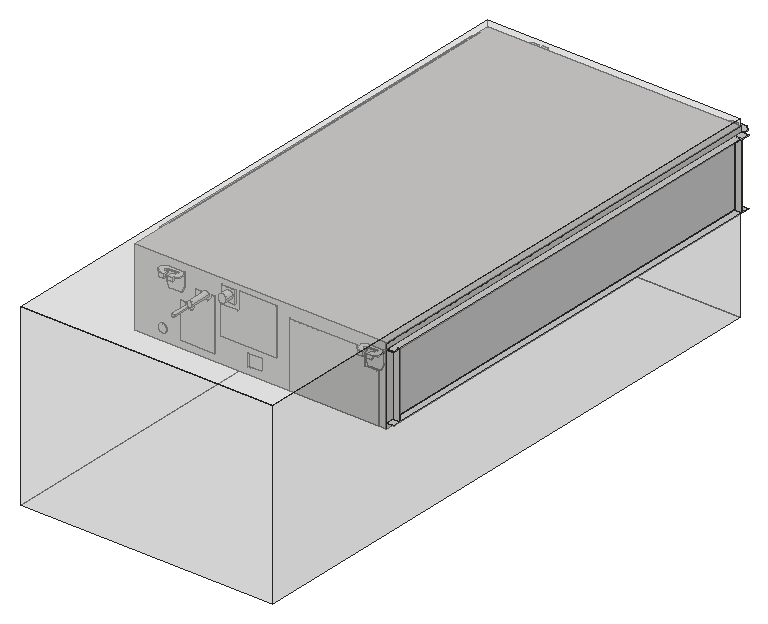
Revit family "outputfile", category 機械設備, Revit 2024
Family settings
  丸型コネクタ寸法 = 半径を使用
  パーツ タイプ = 標準
  OmniClass 番号 = 23.75.10.24.21.27.27
  OmniClass タイトル = Split System Air Conditioning Units
  作業面ベース = いいえ
  常に垂直 = はい
  ロード時にボイドで切り取り = いいえ
  注釈の向きを維持 = いいえ
  共有 = いいえ
  部屋計算ポイント = はい
Parameters (values of type "FBA100BVMA")
  製造元 = "Daikin"
  書き出し IFC クラス(タイプ) = "IfcUnitaryEquipmentType"
  定義済み IFC タイプ(タイプ) = "AIRCONDITIONINGUNIT"
  モデル = "FBA100BVMA"
  switch_frequency = yes
  r_Liquid Pipe Size = Liquid Pipe Size / 2  # 4.75 mm
  r_Gas Pipe Size = Gas Pipe Size / 2  # 7.95 mm
  r_Drain Pipe Size = Drain Pipe Size / 2  # 12.5 mm
  lw_power = 770.0 mm  # constant formula
  lh_SA = 138.0 mm  # constant formula
  lw_SA = if(Width = 550.0 mm, 225.0 mm, if(Width = 700.0 mm, 300.0 mm, if(Width = 1000.0 mm, 450.0 mm, if(Width = 1400.0 mm, 650.0 mm, 725.0 mm))))  # 650.0 mm
  lw_RA = if(Width = 550.0 mm, 275.0 mm, if(Width = 700.0 mm, 349.0 mm, if(Width = 1000.0 mm, 499.0 mm, if(Width = 1400.0 mm, 699.0 mm, 775.0 mm))))  # 699.0 mm
  lh_power = 60.0 mm + [h***]  # 60.0 mm
  lh_mountinghole1 = lh_mountinghole + [h***]  # 222.0 mm
  lh_RA = 123.0 mm  # constant formula
  ld_power = Width / 2  # 700.0 mm
  connector_voltage = Voltage_50Hz  # 230 V
  connector_powerinput = [Power Input (Cooling)]  # 3.010 kW
  connector_phase = Phase_50Hz  # 1
  Voltage_comment_60Hz = "220-230"
  Voltage_comment_50Hz = "220 - 240"
  Voltage_60Hz = 220 V
  Voltage_50Hz = 230 V
  Total Heating Capacity [instance] = 0.000 kW
  Supply Air Direction [instance] = yes
  Sound Power Level_H speed (dB) = 0
  Power Input (Heating) = 0.000 kW
  Phase_60Hz = 1
  Phase_50Hz = 1
  Nominal Heating Capacity = 0.000 kW
  Minimum External Static Pressure = 0.00 Pa
  Minimum Circuit Amps_60Hz = 0.0 A
  Minimum Circuit Amps_50Hz = 0.0 A
  Maximum Fuse Amps_60Hz = 0.0 A
  Maximum Fuse Amps_50Hz = 0.0 A
  Maximum External Static Pressure = 0.00 Pa
  Material_Casing = DAIKIN_GalvanizedSteel_Casing_indoorunit
  lw_mountinghole = 630.0 mm  # constant formula
  lh_gaspipe = 183.0 mm + [h***]  # 183.0 mm
  lh_mountinghole = 222.0 mm  # constant formula
  lh_liquidpipe = 136.0 mm + [h***]  # 136.0 mm
  lh_drainpipe = 207.0 mm + [h***]  # 207.0 mm
  lh_antena = Height - lh_mountinghole + 1.0 mm  # 24.0 mm
  ld_drainpipe = Width / 2 + 26.0 mm  # 726.0 mm
  ld_liquidpipe = Width / 2 + 69.0 mm  # 769.0 mm
  ld_gaspipe = Width / 2 + 65.0 mm  # 765.0 mm
  ld_mountinghole = Width + 38.0 mm  # 1438.0 mm
  h*** = 0.0 mm  # constant formula
  lw_liquidpipe = 179.0 mm  # constant formula
  lw_gaspipe = 229.0 mm  # constant formula
  lw_drainpipe = 300.0 mm  # constant formula
  Width = 1400.0 mm
  Version = "ver.1.0"
  Unit Type = "Duct"
  Unit Mass Weight = 47.00 kg
  Unit Designation [instance] = ""
  Uniclass2015Version = "Products v1.30"
  Uniclass2015Title = "Split coil room air conditioning units"
  Uniclass2015Code = "Pr_70_65_03_86"
  Total Cooling Capacity [instance] = 0.000 kW
  Sound Pressure Level_M speed (dBA) = 35.5
  Sound Pressure Level_L speed (dBA) = 33
  Sound Pressure Level_H speed (dBA) = 38
  Series = "SkyAir_Fan Coil Unit"
  Sensible Cooling Capacity [instance] = 0.000 kW
  SA Duct Size Width = 1192.0 mm
  SA Duct Size Height = 176.0 mm
  Refrigerant Type = "R32"
  RA Duct Size Width = 1352.0 mm
  RA Duct Size Height = 208.0 mm
  Power Input (Cooling) = 3.010 kW
  Option Accessory 3 [instance] = ""
  Option Accessory 2 [instance] = ""
  Option Accessory 1 [instance] = ""
  Nominal Cooling Capacity = 10.000 kW
  Minimum Airflow = 1350.00 m³/h
  Median Airflow = 1620.00 m³/h
  Maximum Airflow = 1920.00 m³/h
  Load Classification = HVAC
  Liquid Pipe Size = 9.5 mm
  Link_Nested Family [instance] = ""
  IfcVersion = ""
  IfcExportType = "AIRCONDITIONINGUNIT"
  IfcExportAs = "IfcUnitaryEquipmentType"
  Height = 245.0 mm
  Heating Entering Wet Bulb Temperature [instance] = -273.15 °C
  Heating Entering Dry Bulb Temperature [instance] = -273.15 °C
  Heating Ambient Wet Bulb Temperature [instance] = -273.15 °C
  Heating Ambient Dry Bulb Temperature [instance] = -273.15 °C
  Heat Exchanger Type = "Cross Fin Coil"
  Gas Pipe Size = 15.9 mm
  Frequency_60Hz = 60 Hz
  Frequency_50Hz = 50 Hz
  Fan Type = "Sirocco Fan"
  Fan Drive = "-"
  FCU Tag No. [instance] = ""
  Drain Pipe Size = 25.0 mm
  Design Supply Airflow [instance] = 0.00 m³/h
  Design Return Airflow [instance] = 0.00 m³/h
  Design External Static Pressure [instance] = 0.00 Pa
  Depth = 800.0 mm
  既定の高さ = 0.0 mm
  Cooling Entering Wet Bulb Temperature [instance] = 0.00 °C
  Cooling Entering Dry Bulb Temperature [instance] = 0.00 °C
  Cooling Ambient Wet Bulb Temperature [instance] = 0.00 °C
  Cooling Ambient Dry Bulb Temperature [instance] = 0.00 °C
  Clearance visibility [instance] = yes
  Clearance Top = 20.0 mm
  Clearance Right = 0.0 mm
  Clearance Rear = 0.0 mm
  Clearance Left = 0.0 mm
  Clearance Front = 450.0 mm
  Clearance Bottom = 300.0 mm
Reference planes
  plane 1 "Center (Front/Back)": y = 0
  plane 2 "h": z = 0
  plane 3 "Center (Left/Right)": x = 0
  plane 4 "Back": y = 700
  plane 5 "Front": y = -700
  plane 6 "Left": x = -400
  plane 7 "Right": x = 400
  plane 8 "Top": z = 0
  plane 9 "Bottom": z = -245
  plane 10: y = -215
  plane 11: y = 700
  plane 12: y = -1150
  plane 13: x = -400
  plane 14: x = 400
  plane 15: z = 20
  plane 16: z = -545
  plane 17: x = -400
  plane 18: x = -399
  plane 19: x = 399
  plane 20: y = 50
  plane 21: y = -1
  plane 22: z = -122
  plane 23: y = -701
  plane 24: z = -109
  plane 25: x = -221
  plane 26: y = -765
  plane 27: z = -62
  plane 28: x = -171
  plane 29: y = -726
  plane 30: z = -38
  plane 31: x = -100
  plane 32: x = -100
  plane 33: x = -221
  plane 34: x = -171
  plane 35: x = 370
  plane 36: x = -266
  plane 37: x = 364
  plane 38: y = -719
  plane 39: y = 719
  plane 40: z = -23
  plane 41: z = -107
  plane 42: y = -769
  plane 43: z = -207
  plane 44: x = -309
  plane 45: y = -376
  plane 46: x = -251
  plane 47: x = -203
  plane 48: x = -144
  plane 49: z = -59
  plane 50: z = -106
  plane 51: z = -221
  plane 52: z = -109
  plane 53: x = -221
  plane 54: z = -62
  plane 55: x = -171
  plane 56: z = -17
  plane 57: z = -59
  plane 58: x = -121
  plane 59: x = -79
  plane 60: x = -125
  plane 61: x = -64
  plane 62: x = 53
  plane 63: z = -164
  plane 64: z = -73
  plane 65: z = -16
  plane 66: x = 93.5
  plane 67: x = 374.5
  plane 68: x = 330
  plane 69: z = -88.5
  plane 70: z = -38
  plane 71: z = -242.5
  plane 72: x = -38.5
  plane 73: x = 6.5
  plane 74: z = -181
  plane 75: z = -221
  plane 76: y = -699
  plane 77: x = -424
  plane 78: x = 424
Forms (mm)
  Extrusion 1, solid, material "DAIKIN_GalvanizedSteel_Casing_indoorunit" <- "Material_Casing"
    sketch origin (0, 0, 0) x (1, 0, 0) y (0, 1, 0)
      loop
        line (-399, 700) -> (-399, -700) -> (399, -700) -> (399, 700) -> (-399, 700)
    from -245 to 0
  Extrusion 2, solid, material "DAIKIN_GalvanizedSteel_Casing_indoorunit" <- "Material_Casing"
    sketch origin (0, 0, 0) x (1, 0, 0) y (0, 0, 1)
      loop
        line (-251, -221) -> (-144, -221) -> (-144, -59) -> (-154.47, -59)
        arc (-154.47, -59) -> (-171, -78.8) -> (-187.53, -59) r 16.8
        line (-187.53, -59) -> (-203, -59) -> (-203, -106) -> (-206.916, -106)
        arc (-206.916, -106) -> (-221, -123.4) -> (-235.084, -106) r 14.4
        line (-235.084, -106) -> (-251, -106) -> (-251, -221)
    from 700 to 701
  Extrusion 3, solid, material "DAIKIN_GalvanizedSteel_Casing_indoorunit" <- "Material_Casing"
    sketch origin (0, 0, 0) x (1, 0, 0) y (0, 0, 1)
      loop
        line (-121, -17) -> (-121, -59) -> (-79, -59) -> (-79, -17) -> (-121, -17)
      loop
        line (-125, -73) -> (-125, -164) -> (53, -164) -> (53, -16) -> (-64, -16) -> (-64, -73) -> (-125, -73)
    from 700 to 701
  Extrusion 4, solid, material "DAIKIN_GalvanizedSteel_Casing_indoorunit" <- "Material_Casing"
    sketch origin (0, 0, 0) x (1, 0, 0) y (0, 0, 1)
      loop
        line (93.5, -38) -> (93.5, -242.5) -> (374.5, -242.5) -> (374.5, -88.5) -> (330, -88.5) -> (330, -38) -> (93.5, -38)
    from 700 to 701
  Extrusion 5, solid, material "DAIKIN_GalvanizedSteel_Casing_indoorunit" <- "Material_Casing"
    sketch origin (0, 0, 0) x (1, 0, 0) y (0, 0, 1)
      loop
        circle (-221, -109) r 4.75
    from 700 to 769
  Extrusion 6, solid, material "DAIKIN_GalvanizedSteel_Casing_indoorunit" <- "Material_Casing"
    sketch origin (0, 0, 0) x (1, 0, 0) y (0, 0, 1)
      loop
        circle (-171, -62) r 7.95
    from 700 to 765
  Extrusion 7, solid, material "DAIKIN_GalvanizedSteel_Casing_indoorunit" <- "Material_Casing"
    sketch origin (0, 0, 0) x (1, 0, 0) y (0, 0, 1)
      loop
        circle (-100, -38) r 12.5
    from 701 to 726
  Extrusion 8, solid, material "DAIKIN_GalvanizedSteel_Casing_indoorunit" <- "Material_Casing"
    sketch origin (0, 0, 0) x (1, 0, 0) y (0, 0, 1)
      loop
        circle (-309, -207) r 13
    from 700 to 526
  Extrusion 9, void
    sketch origin (0, 0, 0) x (1, 0, 0) y (0, 0, 1)
      loop
        line (-38.5, -181) -> (-38.5, -221) -> (6.5, -221) -> (6.5, -181) -> (-38.5, -181)
    from 699 to 700
Cuts and joins
  Extrusion 9 cuts Extrusion 1
Dimensions and locks
  "Height": plane 8 "Top" to plane 9 "Bottom"
  equal spacing: plane 4 "Back", plane 1 "Center (Front/Back)", plane 5 "Front"
  "Width": plane 4 "Back" to plane 5 "Front"
  equal spacing: plane 6 "Left", plane 3 "Center (Left/Right)", plane 7 "Right"
  "Depth": plane 6 "Left" to plane 7 "Right"
  "Clearance Left": plane 13 to plane 6 "Left"
  "Clearance Right": plane 7 "Right" to plane 14
  "Clearance Rear": plane 11 to plane 4 "Back"
  "Clearance Front": plane 5 "Front" to plane 12
  "Clearance Top": plane 15 to plane 8 "Top"
  "Clearance Bottom": plane 9 "Bottom" to plane 16
  locked: plane 17 to plane 18 at 1
  locked: plane 19 to plane 14 at 1
  "lw_SA": plane 11 to plane 20
  "lw_RA": plane 21 to plane 5 "Front"
  "lh_RA": plane 22 to plane 9 "Bottom"
  locked: plane 5 "Front" to plane 23 at 1
  "lw_liquidpipe": plane 25 to plane 6 "Left"
  "lh_liquidpipe": plane 24 to plane 9 "Bottom"
  "lh_gaspipe": plane 27 to plane 9 "Bottom"
  "lw_gaspipe": plane 28 to plane 6 "Left"
  "ld_gaspipe": plane 26 to plane 1 "Center (Front/Back)"
  "ld_drainpipe": plane 29 to plane 1 "Center (Front/Back)"
  "lh_drainpipe": plane 30 to plane 9 "Bottom"
  "lw_drainpipe": plane 31 to plane 6 "Left"
  "lw_drainpipe": plane 6 "Left" to plane 32
  "lw_liquidpipe": plane 6 "Left" to plane 33
  "lw_gaspipe": plane 6 "Left" to plane 34
  "lw_power": plane 6 "Left" to plane 35
  locked: plane 17 to plane 36 at 134
  "lw_mountinghole": plane 36 to plane 37
  equal spacing: plane 38, plane 1 "Center (Front/Back)", plane 39
  "ld_mountinghole": plane 39 to plane 38
  "lh_mountinghole": plane 40 to plane 9 "Bottom"
  "lh_SA": plane 41 to plane 9 "Bottom"
  locked: plane 44 to plane 6 "Left" at 91
  locked: plane 43 to plane 9 "Bottom" at 38
  plane 48 to plane 47 to plane 46 to plane 6 "Left" = 59.0 mm, 48.0 mm, 149.0 mm
  plane 8 "Top" to plane 49 to plane 50 to plane 51 = 59.0 mm locked, 47.0 mm locked, 115.0 mm locked
  plane 55 to plane 53 to plane 6 "Left" = 50.0 mm locked, 179.0 mm locked
  plane 54 to plane 52 to plane 9 "Bottom" = 47.0 mm locked, 136.0 mm locked
  plane 59 to plane 58 to plane 6 "Left" = 42.0 mm locked, 279.0 mm locked
  plane 8 "Top" to plane 56 to plane 57 = 17.0 mm locked, 42.0 mm locked
  plane 62 to plane 61 to plane 60 to plane 6 "Left" = 117.0 mm, 61.0 mm, 275.0 mm
  plane 8 "Top" to plane 65 to plane 64 = 16.0 mm locked, 57.0 mm locked
  locked: plane 65 to plane 63 at 148
  plane 8 "Top" to plane 70 to plane 69 to plane 71 = 38.0 mm locked, 50.5 mm locked, 154.0 mm locked
  plane 67 to plane 68 to plane 66 to plane 6 "Left" = 44.5 mm locked, 236.5 mm locked, 493.5 mm locked
  plane 8 "Top" to plane 74 to plane 75 = 181.0 mm locked, 40.0 mm locked
  plane 73 to plane 72 to plane 6 "Left" = 45.0 mm, 361.5 mm
  locked: plane 76 to plane 5 "Front" at 1
  locked: plane 77 to plane 17 at 24
  locked: plane 14 to plane 78 at 24
  "ld_liquidpipe": plane 42 to plane 1 "Center (Front/Back)"
  "r_Liquid Pipe Size": radius of Extrusion 5 sketch curve
  "r_Gas Pipe Size": radius of Extrusion 6 sketch curve
  "r_Drain Pipe Size": radius of Extrusion 7 sketch curve
  aligned and locked: level to plane 2 "h"
  aligned and locked: plane 8 "Top" to Extrusion 1
  aligned and locked: Extrusion 1 to plane 9 "Bottom"
  aligned and locked: nested 5 to plane 12
  aligned and locked: plane 13 to nested 5
  aligned and locked: plane 14 to nested 5
  aligned and locked: nested 5 to plane 13
  aligned and locked: plane 11 to nested 5
  aligned and locked: plane 15 to nested 5
  aligned and locked: plane 16 to nested 5
  aligned and locked: plane 5 "Front" to Extrusion 1 sketch curve
  aligned and locked: Extrusion 1 to plane 18
  aligned and locked: plane 19 to Extrusion 1
  aligned and locked: nested 7 to plane 18
  aligned and locked: nested 7 to plane 20
  aligned and locked: plane 19 to nested 8
  aligned and locked: plane 21 to nested 8
  aligned and locked: plane 22 to nested 8
  aligned and locked: Extrusion 2 to plane 23
  aligned and locked: plane 5 "Front" to Extrusion 2
  aligned and locked: Extrusion 3 to plane 23
  aligned and locked: plane 5 "Front" to Extrusion 3
  aligned and locked: plane 5 "Front" to Extrusion 4
  aligned and locked: Extrusion 5 sketch curve to plane 25
  aligned and locked: plane 24 to Extrusion 5 sketch curve
  aligned and locked: plane 5 "Front" to Extrusion 5
  aligned and locked: Extrusion 6 sketch curve to plane 28
  aligned and locked: plane 27 to Extrusion 6 sketch curve
  aligned and locked: plane 5 "Front" to Extrusion 6
  aligned and locked: Extrusion 7 sketch curve to plane 31
  aligned and locked: Extrusion 7 sketch curve to plane 30
  aligned and locked: Extrusion 7 to plane 29
  aligned and locked: plane 23 to Extrusion 7
  aligned and locked: nested 3 to plane 29
  aligned and locked: nested 3 to plane 32
  aligned and locked: nested 2 to plane 33
  aligned and locked: nested 1 to plane 34
  aligned and locked: Extrusion 6 to plane 26
  aligned and locked: nested 1 to plane 26
  aligned and locked: nested 6 to plane 5 "Front"
  aligned and locked: nested 6 to plane 35
  aligned and locked: plane 36 to nested 10
  aligned and locked: nested 10 to plane 5 "Front"
  aligned and locked: plane 37 to nested 9
  aligned and locked: nested 9 to plane 5 "Front"
  aligned and locked: nested 11 to plane 36
  aligned and locked: plane 4 "Back" to nested 11
  aligned and locked: nested 12 to plane 37
  aligned and locked: plane 4 "Back" to nested 12
  aligned and locked: plane 40 to nested 10
  aligned and locked: plane 40 to nested 11
  aligned and locked: plane 40 to nested 9
  aligned and locked: plane 40 to nested 12
  aligned and locked: plane 36 to nested 14
  aligned and locked: nested 14 to plane 39
  aligned and locked: plane 37 to nested 13
  aligned and locked: nested 13 to plane 39
  aligned and locked: plane 37 to nested 16
  aligned and locked: plane 38 to nested 16
  aligned and locked: plane 38 to nested 15
  aligned and locked: plane 36 to nested 15
  aligned and locked: plane 17 to plane 6 "Left"
  aligned and locked: plane 41 to nested 7
  aligned and locked: Extrusion 5 to plane 42
  aligned and locked: nested 2 to plane 42
  aligned and locked: Extrusion 8 sketch curve to plane 44
  aligned and locked: plane 43 to Extrusion 8 sketch curve
  aligned and locked: plane 5 "Front" to Extrusion 8
  aligned and locked: Extrusion 3 sketch curve to plane 56
  aligned and locked: Extrusion 3 sketch curve to plane 58
  aligned and locked: plane 57 to Extrusion 3 sketch curve
  aligned and locked: plane 59 to Extrusion 3 sketch curve
  aligned and locked: Extrusion 4 to plane 23
  aligned and locked: Extrusion 9 sketch curve to plane 74
  aligned and locked: plane 75 to Extrusion 9 sketch curve
  aligned and locked: plane 73 to Extrusion 9 sketch curve
  aligned and locked: plane 5 "Front" to Extrusion 9
  aligned and locked: plane 76 to Extrusion 9
  aligned and locked: nested 17 to plane 20
  aligned and locked: nested 17 to plane 77
  aligned and locked: plane 21 to nested 18
  aligned and locked: plane 78 to nested 18
  aligned and locked: plane 41 to nested 17
  aligned and locked: nested 18 to plane 22
  aligned and locked: nested 4 to plane 3 "Center (Left/Right)"
  aligned and locked: plane 1 "Center (Front/Back)" to nested 4
  aligned and locked: level to plane 8 "Top"
Automatic sketch dimensions
  plane 6 "Left" to Extrusion 1 sketch curve = 1.0 mm
  Extrusion 1 sketch curve to plane 7 "Right" = 1.0 mm
  Extrusion 1 sketch curve to plane 4 "Back" = 0.0 mm
  Extrusion 2 sketch curve to plane 46 = 0.0 mm
  Extrusion 2 sketch curve to plane 33 = 0.0 mm
  Extrusion 2 sketch curve to plane 47 = 0.0 mm
  Extrusion 2 sketch curve to plane 34 = 0.0 mm
  Extrusion 2 sketch curve to plane 48 = 0.0 mm
  Extrusion 2 sketch curve to plane 51 = 0.0 mm
  Extrusion 2 sketch curve to plane 52 = 0.0 mm
  Extrusion 2 sketch curve to plane 50 = 0.0 mm  (x3)
  Extrusion 2 sketch curve to plane 54 = 0.0 mm
  Extrusion 2 sketch curve to plane 49 = 0.0 mm  (x3)
  plane 33 to Extrusion 2 sketch curve = 14.084 mm
  plane 34 to Extrusion 2 sketch curve = 16.53 mm
  Extrusion 3 sketch curve to plane 60 = 0.0 mm
  Extrusion 3 sketch curve to plane 61 = 0.0 mm
  Extrusion 3 sketch curve to plane 62 = 0.0 mm
  Extrusion 3 sketch curve to plane 63 = 0.0 mm
  Extrusion 3 sketch curve to plane 64 = 0.0 mm
  Extrusion 3 sketch curve to plane 65 = 0.0 mm
  Extrusion 4 sketch curve to plane 66 = 0.0 mm
  Extrusion 4 sketch curve to plane 68 = 0.0 mm
  Extrusion 4 sketch curve to plane 67 = 0.0 mm
  Extrusion 4 sketch curve to plane 71 = 0.0 mm
  Extrusion 4 sketch curve to plane 69 = 0.0 mm
  Extrusion 4 sketch curve to plane 70 = 0.0 mm
  Extrusion 9 sketch curve to plane 72 = 0.0 mm
  radius of Extrusion 8 sketch curve = 13.0 mm
Nested families
  nested 1: "daikin_connector_rotate2" at (-171, 0, -62), length <- "ld_gaspipe", built-in parameter 1001364 <- "lh_gaspipe", radius <- "r_Gas Pipe Size", type "daikin_connector_rotate2"
    with radius 7.95 mm, length 765.0 mm, angle_vertical 90.00°
  nested 2: "daikin_connector_rotate2" at (-221, 0, -109), length <- "ld_liquidpipe", built-in parameter 1001364 <- "lh_liquidpipe", radius <- "r_Liquid Pipe Size", type "daikin_connector_rotate2"
    with radius 4.75 mm, length 769.0 mm, angle_vertical 90.00°
  nested 3: "daikin_connector_rotate2" at (-100, 0, -38), length <- "ld_drainpipe", built-in parameter 1001364 <- "lh_drainpipe", radius <- "r_Drain Pipe Size", type "daikin_connector_rotate2"
    with radius 12.5 mm, length 726.0 mm, angle_vertical 90.00°
  nested 4: "daikin_△_symbolicline" at (0, 0, 245) x (0, -1, 0) z (0, 0, 1), built-in parameter 1001364 <- "Height", visible <- "Supply Air Direction", type "daikin_△_symbolicline"
    with length 200.0 mm
  nested 5: "daikin_clearancespace" at (0, -225, -262.381), visible <- "Clearance visibility", show <- "Clearance visibility", Link_Nested Family <- "Link_Nested Family", type "daikin_clearancespace"
    with width 800.0 mm, show yes, height 565.0 mm, depth 1850.0 mm, Link_Nested Family ""
  nested 6: "daikin_connector_rotate2" at (370, 0, -185), built-in parameter 1001364 <- "lh_power", length <- "ld_power", type "daikin_connector_rotate2"
    with radius 10.0 mm, length 700.0 mm, angle_vertical 90.00°
  nested 7: "daikin_ductflange_FBA-BVMA2" at (-399, 50, -107) x (0, -1, 0) z (0, 0, 1), type "daikin_ductflange_FBA-BVMA2"
  nested 8: "daikin_ductflange_FBA-BVMA" at (399, -1, -122) x (0, 1, 0) z (0, 0, 1), type "daikin_ductflange_FBA-BVMA"
    with width 1352.0 mm, lw 25.0 mm, w 1400.0 mm
  nested 9: "daikin_hangerfixture_FBA-BVMA" at (364, -700, -23), type "daikin_hangerfixture_FBA-BVMA"
  nested 10: "daikin_hangerfixture_FBA-BVMA" at (-266, -700, -23), type "daikin_hangerfixture_FBA-BVMA"
  nested 11: "daikin_hangerfixture_FBA-BVMA" at (-266, 700, -23) x (-1, 0, 0) z (0, 0, 1), type "daikin_hangerfixture_FBA-BVMA"
  nested 12: "daikin_hangerfixture_FBA-BVMA" at (364, 700, -23) x (-1, 0, 0) z (0, 0, 1), type "daikin_hangerfixture_FBA-BVMA"
  nested 13: "daikin_mountinghole" at (364, 719, -245), h_mountinghole <- "lh_mountinghole1", l_antenna <- "lh_antena", Link_Nested Family <- "Link_Nested Family", type "daikin_mountinghole"
    with show yes, l_antenna 24.0 mm, h_mountinghole 222.0 mm, Link_Nested Family ""
  nested 14: "daikin_mountinghole" at (-266, 719, -245), h_mountinghole <- "lh_mountinghole1", l_antenna <- "lh_antena", Link_Nested Family <- "Link_Nested Family", type "daikin_mountinghole"
    with show yes, l_antenna 24.0 mm, h_mountinghole 222.0 mm, Link_Nested Family ""
  nested 15: "daikin_mountinghole" at (-266, -719, -245), h_mountinghole <- "lh_mountinghole1", l_antenna <- "lh_antena", Link_Nested Family <- "Link_Nested Family", type "daikin_mountinghole"
    with show yes, l_antenna 24.0 mm, h_mountinghole 222.0 mm, Link_Nested Family ""
  nested 16: "daikin_mountinghole" at (364, -719, -245), h_mountinghole <- "lh_mountinghole1", l_antenna <- "lh_antena", Link_Nested Family <- "Link_Nested Family", type "daikin_mountinghole"
    with show yes, l_antenna 24.0 mm, h_mountinghole 222.0 mm, Link_Nested Family ""
  nested 17: "daikin_connector_rotate2" at (-400, 50, -107) x (0, -1, 0) z (0, 0, 1), type "daikin_connector_rotate2"
    with radius 10.0 mm, length 24.0 mm, angle_vertical 90.00°
  nested 18: "daikin_connector_rotate2" at (400, -1, -122) x (0, 1, 0) z (0, 0, 1), type "daikin_connector_rotate2"
    with radius 10.0 mm, length 24.0 mm, angle_vertical 90.00°
Connectors
  piping at (-100, -726, -38), diameter 25, driven by "r_Drain Pipe Size"
    settings: on nested 3, index 3, connector inside diameter 609.6 mm, connector length 0.0 mm, flow factor 0, pipe flow 0.00 m³/h, pressure drop 0.0 Pa, fitting loss kfactor 0, connector angle 0.00°, fixture units 0, engagement length 0.0 mm, angle of deflection 0.00°, flow configuration 1, flow direction 2, fitting loss method 4, system type 16, joint type 0, gender type 0, connector reference index -1, connector utility 0, adjustable connector no, is connector primary yes, connector description "Condensate Drain Piping"
  piping at (-171, -765, -62), diameter 15.9, driven by "r_Gas Pipe Size"
    settings: on nested 1, index 4, connector inside diameter 609.6 mm, connector length 0.0 mm, flow factor 0, pipe flow 0.00 m³/h, pressure drop 0.0 Pa, fitting loss kfactor 0, connector angle 0.00°, fixture units 0, engagement length 0.0 mm, angle of deflection 0.00°, flow configuration 1, flow direction 2, fitting loss method 0, system type 29, joint type 0, gender type 0, connector reference index -1, connector utility 0, adjustable connector no, is connector primary no, connector description "Refrigerant Gas Piping"
  piping at (-221, -769, -109), diameter 9.5, driven by "r_Liquid Pipe Size"
    settings: on nested 2, index 5, connector inside diameter 609.6 mm, connector length 0.0 mm, flow factor 0, pipe flow 0.00 m³/h, pressure drop 0.0 Pa, fitting loss kfactor 0, connector angle 0.00°, fixture units 0, engagement length 0.0 mm, angle of deflection 0.00°, flow configuration 1, flow direction 1, fitting loss method 0, system type 29, joint type 0, gender type 0, connector reference index -1, connector utility 0, adjustable connector no, is connector primary no, connector description "Refrigerant Liquid Piping"
  electrical at (370, -700, -185), driven by "Load Classification", driven by "connector_voltage", driven by "connector_phase", driven by "connector_powerinput"
    settings: on nested 6, index 6, voltage 230 V, apparent load 3010 VA, apparent load phase1 0 VA, apparent load phase2 0 VA, apparent load phase3 0 VA, power factor 1, load classification "HVAC", number of poles 1, system type 30, power factor state 1, is connector primary yes, connector utility no, sub classification motor no, connector description "Power Supply"
  hvac at (-424, 50, -107), driven by "SA Duct Size Height", driven by "SA Duct Size Width"
    settings: on nested 17, index 7, duct flow 0.00 m³/h, flow factor 0, pres drop 0.00 Pa, loss coef 0, conn angle 0.00°, conn width 1192.0 mm, conn height 176.0 mm, conn diameter 609.6 mm, duct sys type 1, conn prof type 1, flow config 0, flow direction 2, loss method 4, conn ref index -1, conn util no, is conn primary yes, conn desc "SA Duct"
  hvac at (424, -1, -122), driven by "RA Duct Size Height", driven by "RA Duct Size Width"
    settings: on nested 18, index 8, duct flow 0.00 m³/h, flow factor 0, pres drop 0.00 Pa, loss coef 0, conn angle 0.00°, conn width 1352.0 mm, conn height 208.0 mm, conn diameter 609.6 mm, duct sys type 2, conn prof type 1, flow config 0, flow direction 1, loss method 4, conn ref index -1, conn util no, is conn primary no, conn desc "RA Duct"
Definition of nested family "daikin_clearancespace"
  Parameters (values of type "daikin_clearancespace")
    Description = "daikin_clearancespace"
    width [instance] = 1823.963 mm
    show [instance] = yes
    material = none
    height [instance] = 1359.762 mm
    depth [instance] = 880.0 mm
    Default Elevation = 0.0 mm
    Link_Nested Family [instance] = ""
  Reference planes
    plane 1 "Center (Front/Back)": y = 0
    plane 2 "Center (Elevation)": z = -0.119
    plane 3 "Center (Left/Right)": x = 0
    plane 4: y = 440
    plane 5: y = -440
    plane 6 "Right": x = 911.982
    plane 7 "Left": x = -911.982
    plane 8 "Top": z = 679.762
    plane 9 "Bottom": z = -680
  Forms (mm)
    Extrusion 1, solid, material <- "material", visible <- "show"
      sketch origin (0, 0, 0) x (1, 0, 0) y (0, 1, 0)
        loop
          line (-911.982, 440) -> (-911.982, -440) -> (911.982, -440) -> (911.982, 440) -> (-911.982, 440)
      from -680 to 679.762
  Lines and regions (mm)
    symbolic lines, visible <- "show"
      curve 1: line (911.982, 440, 0) -> (-911.982, 440, 0)
      curve 2: line (-911.982, 440, 0) -> (-911.982, -440, 0)
      curve 3: line (-911.982, -440, 0) -> (911.982, -440, 0)
      curve 4: line (911.982, -440, 0) -> (911.982, 440, 0)
      curve 5: line (911.982, 0, 679.762) -> (-911.982, 0, 679.762)
      curve 6: line (911.982, 0, -680) -> (911.982, 0, 679.762)
      curve 7: line (-911.982, 0, -680) -> (911.982, 0, -680)
      curve 8: line (-911.982, 0, 679.762) -> (-911.982, 0, -680)
      curve 9: line (0, 440, 679.762) -> (0, -440, 679.762)
      curve 10: line (0, -440, 679.762) -> (0, -440, -680)
      curve 11: line (0, 440, -680) -> (0, 440, 679.762)
      curve 12: line (0, -440, -680) -> (0, 440, -680)
  Dimensions and locks
    "width": plane 7 "Left" to plane 6 "Right"
    "depth": plane 4 to plane 5
    "height": plane 8 "Top" to plane 9 "Bottom"
    equal spacing: plane 7 "Left", plane 3 "Center (Left/Right)", plane 6 "Right"
    equal spacing: plane 4, plane 1 "Center (Front/Back)", plane 5
    equal spacing: plane 8 "Top", plane 2 "Center (Elevation)", plane 9 "Bottom"
    aligned and locked: level to plane 2 "Center (Elevation)"
    aligned and locked: Extrusion 1 sketch curve to plane 4
    aligned and locked: plane 7 "Left" to Extrusion 1 sketch curve
    aligned and locked: Extrusion 1 sketch curve to plane 5
    aligned and locked: Extrusion 1 sketch curve to plane 6 "Right"
    aligned and locked: plane 8 "Top" to Extrusion 1
    aligned and locked: curve 1 to Extrusion 1
    aligned and locked: curve 2 to Extrusion 1
    aligned and locked: curve 3 to Extrusion 1
    aligned and locked: curve 4 to Extrusion 1
    aligned and locked: curve 5 to Extrusion 1
    aligned and locked: curve 6 to Extrusion 1
    aligned and locked: curve 7 to Extrusion 1
    aligned and locked: curve 8 to Extrusion 1
    aligned and locked: curve 9 to Extrusion 1
    aligned and locked: curve 10 to Extrusion 1
    aligned and locked: curve 11 to Extrusion 1
    aligned and locked: curve 12 to Extrusion 1
    aligned and locked: Extrusion 1 to plane 9 "Bottom"
Definition of nested family "daikin_ductflange_FBA-BVMA2"
  Parameters (values of type "daikin_ductflange_FBFC-DVMG2")
    width = if(w = 550.0 mm, 337.0 mm, if(w = 700.0 mm, 492.0 mm, if(w = 1000.0 mm, 792.0 mm, if(w = 1400.0 mm, 1192.0 mm, 1337.0 mm))))  # 1192.0 mm
    material = none
    height = 215.0 mm
    depth = 1.0 mm
    w = 1400.0 mm
    Default Elevation = 0.0 mm
  Reference planes
    plane 1 "Center (Front/Back)": y = 0
    plane 2: z = 0
    plane 3 "Center (Left/Right)": x = 0
    plane 4: z = 88
    plane 5: z = -88
    plane 6: y = -25
    plane 7: z = 106
    plane 8: z = 89
    plane 9: y = -1
    plane 10: x = -617.5
    plane 11: x = 617.5
    plane 12: z = -106
    plane 13: z = -89
    plane 14: y = -1
    plane 15: x = 596
    plane 16: x = -596
    plane 17: x = 597
    plane 18: z = 87
    plane 19: z = -87
    plane 20: x = -597
    plane 21: z = 87
    plane 22: z = -87
    plane 23: y = -1
  Forms (mm)
    Extrusion 1, solid, material <- "material"
      sketch origin (0, 0, 0) x (0, 1, 0) y (0, 0, 1)
        loop
          line (-25, 88) -> (0, 88) -> (0, 106) -> (-1, 106) -> (-1, 89) -> (-25, 89) -> (-25, 88)
      from -617.5 to 617.5
    Extrusion 2, solid, material <- "material"
      sketch origin (0, 0, 0) x (0, 1, 0) y (0, 0, 1)
        loop
          line (-25, -88) -> (-25, -89) -> (-1, -89) -> (-1, -106) -> (0, -106) -> (0, -88) -> (-25, -88)
      from -617.5 to 617.5
    Extrusion 3, solid, material <- "material"
      sketch origin (0, 0, 0) x (1, 0, 0) y (0, 0, 1)
        loop
          line (596, 88) -> (596, -88) -> (617.5, -88) -> (617.5, -87) -> (597, -87) -> (597, 87) -> (617.5, 87) -> (617.5, 88) -> (596, 88)
      from 0 to 25
    Extrusion 4, solid, material <- "material"
      sketch origin (0, 0, 0) x (1, 0, 0) y (0, 0, 1)
        loop
          line (-617.5, 88) -> (-617.5, 87) -> (-597, 87) -> (-597, -87) -> (-617.5, -87) -> (-617.5, -88) -> (-596, -88) -> (-596, 88) -> (-617.5, 88)
      from 0 to 25
    Extrusion 5, solid, material <- "material"
      sketch origin (0, 0, 0) x (1, 0, 0) y (0, 0, 1)
        loop
          line (-617.5, 88) -> (-617.5, -88) -> (-596, -88) -> (-596, 88) -> (-617.5, 88)
        loop
          line (617.5, 88) -> (596, 88) -> (596, -88) -> (617.5, -88) -> (617.5, 88)
      from 0 to 1
  Cuts and joins
    joined: Extrusion 1, Extrusion 2, Extrusion 3, Extrusion 4, Extrusion 5
  Dimensions and locks
    plane 4 to level to plane 5 = 88.0 mm, 88.0 mm
    locked: plane 6 to plane 1 "Center (Front/Back)" at 25
    locked: plane 9 to plane 1 "Center (Front/Back)" at 1
    locked: plane 8 to plane 4 at 1
    locked: plane 16 to plane 10 at 21.5
    locked: plane 17 to plane 15 at 1
    locked: plane 4 to plane 18 at 1
    locked: plane 19 to plane 5 at 1
    "width": plane 15 to plane 16
    plane 4 to plane 5 = 176.0 mm
    locked: plane 16 to plane 20 at 1
    locked: plane 4 to plane 21 at 1
    locked: plane 22 to plane 5 at 1
    locked: plane 23 to plane 1 "Center (Front/Back)" at 1
    plane 4 to level to plane 5 = 88.0 mm locked, 88.0 mm locked
    locked: plane 5 to plane 13 at 1
    locked: plane 5 to plane 12 at 18
    locked: plane 7 to plane 4 at 18
    equal spacing: plane 15, plane 3 "Center (Left/Right)", plane 16
    locked: plane 11 to plane 15 at 21.5
    plane 11 to plane 10 = 1235.0 mm
    aligned and locked: level to plane 2
    aligned and locked: Extrusion 1 to plane 10
    aligned and locked: plane 11 to Extrusion 1
    aligned and locked: plane 5 to Extrusion 2
    aligned and locked: Extrusion 2 to plane 1 "Center (Front/Back)"
    aligned and locked: plane 15 to Extrusion 3 sketch curve
    aligned and locked: Extrusion 3 sketch curve to Extrusion 2  (x2)
    aligned and locked: Extrusion 3 sketch curve to plane 11
    aligned and locked: plane 6 to Extrusion 3
    aligned and locked: Extrusion 2 to plane 10
    aligned and locked: plane 11 to Extrusion 2
    aligned and locked: Extrusion 4 sketch curve to Extrusion 1  (x2)
    aligned and locked: plane 5 to Extrusion 4 sketch curve
    aligned and locked: Extrusion 4 sketch curve to plane 16
    aligned and locked: Extrusion 4 sketch curve to plane 22
    aligned and locked: plane 20 to Extrusion 4 sketch curve
    aligned and locked: plane 21 to Extrusion 4 sketch curve
    aligned and locked: Extrusion 4 to plane 1 "Center (Front/Back)"
    aligned and locked: plane 6 to Extrusion 4
    aligned and locked: Extrusion 5 sketch curve to Extrusion 1  (x4)
    aligned and locked: Extrusion 5 sketch curve to Extrusion 4  (x2)
    aligned and locked: Extrusion 5 sketch curve to Extrusion 3  (x2)
    aligned and locked: Extrusion 5 to plane 1 "Center (Front/Back)"
    aligned and locked: plane 23 to Extrusion 5
  Automatic sketch dimensions
    Extrusion 1 sketch curve to plane 6 = 0.0 mm
    Extrusion 1 sketch curve to plane 7 = 0.0 mm
    Extrusion 1 sketch curve to plane 9 = 0.0 mm
    Extrusion 1 sketch curve to plane 1 "Center (Front/Back)" = 0.0 mm
    Extrusion 1 sketch curve to plane 4 = 0.0 mm
    Extrusion 1 sketch curve to plane 8 = 0.0 mm
    Extrusion 2 sketch curve to plane 6 = 0.0 mm
    plane 12 to Extrusion 2 sketch curve = 0.0 mm
    Extrusion 2 sketch curve to plane 14 = 0.0 mm
    Extrusion 2 sketch curve to plane 1 "Center (Front/Back)" = 0.0 mm
    plane 13 to Extrusion 2 sketch curve = 0.0 mm
    Extrusion 2 sketch curve to plane 5 = 0.0 mm
    Extrusion 3 sketch curve to plane 17 = 0.0 mm
    Extrusion 3 sketch curve to plane 19 = 0.0 mm
    Extrusion 3 sketch curve to plane 18 = 0.0 mm
    Extrusion 3 sketch curve to plane 4 = 0.0 mm
    Extrusion 4 sketch curve to plane 10 = 0.0 mm
Definition of nested family "daikin_ductflange_FBA-BVMA"
  Parameters (values of type "daikin_ductflange_FBFC-DVMG")
    width = if(w = 550.0 mm, 502.0 mm, if(w = 700.0 mm, 654.0 mm, if(w = 1000.0 mm, 952.0 mm, if(w = 1400.0 mm, 1352.0 mm, 1502.0 mm))))  # 654.0 mm
    material = none
    lw = if(width = 654.0 mm, 23.0 mm, 25.0 mm)  # 23.0 mm
    height = 208.0 mm
    depth = 1.0 mm
    w = 700.0 mm
    Default Elevation = 0.0 mm
  Reference planes
    plane 1 "Center (Front/Back)": y = 0
    plane 2: z = 0
    plane 3 "Center (Left/Right)": x = 0
    plane 4: z = 104
    plane 5: z = -104
    plane 6: y = -25
    plane 7: z = 121
    plane 8: z = 105
    plane 9: y = -1
    plane 10: x = -350
    plane 11: x = 350
    plane 12: z = -122
    plane 13: z = -105
    plane 14: y = -1
    plane 15: x = 327
    plane 16: x = -327
    plane 17: x = 328
    plane 18: z = 103
    plane 19: z = -103
    plane 20: x = -328
    plane 21: z = 103
    plane 22: z = -103
    plane 23: y = -1
  Forms (mm)
    Extrusion 1, solid, material <- "material"
      sketch origin (0, 0, 0) x (0, 1, 0) y (0, 0, 1)
        loop
          line (-25, 104) -> (0, 104) -> (0, 121) -> (-1, 121) -> (-1, 105) -> (-25, 105) -> (-25, 104)
      from -350 to 350
    Extrusion 2, solid, material <- "material"
      sketch origin (0, 0, 0) x (0, 1, 0) y (0, 0, 1)
        loop
          line (-25, -104) -> (-25, -105) -> (-1, -105) -> (-1, -122) -> (0, -122) -> (0, -104) -> (-25, -104)
      from -350 to 350
    Extrusion 3, solid, material <- "material"
      sketch origin (0, 0, 0) x (1, 0, 0) y (0, 0, 1)
        loop
          line (327, 104) -> (327, -104) -> (350, -104) -> (350, -103) -> (328, -103) -> (328, 103) -> (350, 103) -> (350, 104) -> (327, 104)
      from 0 to 25
    Extrusion 4, solid, material <- "material"
      sketch origin (0, 0, 0) x (1, 0, 0) y (0, 0, 1)
        loop
          line (-350, 104) -> (-350, 103) -> (-328, 103) -> (-328, -103) -> (-350, -103) -> (-350, -104) -> (-327, -104) -> (-327, 104) -> (-350, 104)
      from 0 to 25
    Extrusion 5, solid, material <- "material"
      sketch origin (0, 0, 0) x (1, 0, 0) y (0, 0, 1)
        loop
          line (-350, 104) -> (-350, -104) -> (-327, -104) -> (-327, 104) -> (-350, 104)
        loop
          line (350, 104) -> (327, 104) -> (327, -104) -> (350, -104) -> (350, 104)
      from 0 to 1
  Cuts and joins
    joined: Extrusion 1, Extrusion 2, Extrusion 3, Extrusion 4, Extrusion 5
  Dimensions and locks
    plane 4 to level to plane 5 = 104.0 mm, 104.0 mm
    locked: plane 6 to plane 1 "Center (Front/Back)" at 25
    locked: plane 9 to plane 1 "Center (Front/Back)" at 1
    locked: plane 8 to plane 4 at 1
    "lw": plane 11 to plane 15
    "lw": plane 16 to plane 10
    locked: plane 17 to plane 15 at 1
    locked: plane 4 to plane 18 at 1
    locked: plane 19 to plane 5 at 1
    "width": plane 15 to plane 16
    equal spacing: plane 15, plane 3 "Center (Left/Right)", plane 16
    locked: plane 16 to plane 20 at 1
    locked: plane 4 to plane 21 at 1
    locked: plane 22 to plane 5 at 1
    locked: plane 23 to plane 1 "Center (Front/Back)" at 1
    locked: plane 7 to plane 4 at 17
    locked: plane 1 "Center (Front/Back)" to plane 14 at 1
    locked: plane 5 to plane 13 at 1
    "height": plane 4 to plane 5
    plane 11 to plane 10 = 700.0 mm
    locked: plane 12 to plane 13 at 17
    equal spacing: plane 4, level, plane 5
    aligned and locked: level to plane 2
    aligned and locked: Extrusion 1 to plane 10
    aligned and locked: plane 11 to Extrusion 1
    aligned and locked: plane 5 to Extrusion 2
    aligned and locked: Extrusion 2 to plane 1 "Center (Front/Back)"
    aligned and locked: plane 15 to Extrusion 3 sketch curve
    aligned and locked: Extrusion 3 sketch curve to Extrusion 2  (x2)
    aligned and locked: Extrusion 3 sketch curve to plane 11
    aligned and locked: plane 6 to Extrusion 3
    aligned and locked: Extrusion 2 to plane 10
    aligned and locked: plane 11 to Extrusion 2
    aligned and locked: Extrusion 4 sketch curve to Extrusion 1  (x2)
    aligned and locked: plane 5 to Extrusion 4 sketch curve
    aligned and locked: Extrusion 4 sketch curve to plane 16
    aligned and locked: Extrusion 4 sketch curve to plane 22
    aligned and locked: plane 20 to Extrusion 4 sketch curve
    aligned and locked: plane 21 to Extrusion 4 sketch curve
    aligned and locked: Extrusion 4 to plane 1 "Center (Front/Back)"
    aligned and locked: plane 6 to Extrusion 4
    aligned and locked: Extrusion 5 sketch curve to Extrusion 1  (x4)
    aligned and locked: Extrusion 5 sketch curve to Extrusion 4  (x2)
    aligned and locked: Extrusion 5 sketch curve to Extrusion 3  (x2)
    aligned and locked: Extrusion 5 to plane 1 "Center (Front/Back)"
    aligned and locked: plane 23 to Extrusion 5
  Automatic sketch dimensions
    Extrusion 1 sketch curve to plane 6 = 0.0 mm
    Extrusion 1 sketch curve to plane 7 = 0.0 mm
    Extrusion 1 sketch curve to plane 9 = 0.0 mm
    Extrusion 1 sketch curve to plane 1 "Center (Front/Back)" = 0.0 mm
    Extrusion 1 sketch curve to plane 4 = 0.0 mm
    Extrusion 1 sketch curve to plane 8 = 0.0 mm
    Extrusion 2 sketch curve to plane 6 = 0.0 mm
    plane 12 to Extrusion 2 sketch curve = 0.0 mm
    Extrusion 2 sketch curve to plane 14 = 0.0 mm
    Extrusion 2 sketch curve to plane 1 "Center (Front/Back)" = 0.0 mm
    plane 13 to Extrusion 2 sketch curve = 0.0 mm
    Extrusion 2 sketch curve to plane 5 = 0.0 mm
    Extrusion 3 sketch curve to plane 17 = 0.0 mm
    Extrusion 3 sketch curve to plane 19 = 0.0 mm
    Extrusion 3 sketch curve to plane 18 = 0.0 mm
    Extrusion 3 sketch curve to plane 4 = 0.0 mm
    Extrusion 4 sketch curve to plane 10 = 0.0 mm
Definition of nested family "daikin_hangerfixture_FBA-BVMA"
  Parameters (values of type "daikin_hangerfixture_FXMQ-PAVE")
    width = 72.0 mm
    material = none
    height = 60.0 mm
    depth = 41.0 mm
    Default Elevation = 0.0 mm
  Reference planes
    plane 1 "Center (Front/Back)": y = 0
    plane 2: z = 0
    plane 3 "Center (Left/Right)": x = 0
    plane 4: y = 417.146
    plane 5: y = -41
    plane 6: x = -36
    plane 7: x = 36
    plane 8: z = -2.3
    plane 9: z = -60
    plane 10: y = -2.3
    plane 11: z = -12
    plane 12: y = -38.7
  Forms (mm)
    Extrusion 1, solid, material <- "material"
      sketch origin (0, 0, 0) x (1, 0, 0) y (0, 1, 0)
        loop
          line (-28, 0) -> (-28, -5)
          arc (-28, -5) -> (-29.127, -8.162) -> (-32, -9.899) r 5
          arc (-32, -9.899) -> (-34.873, -11.636) -> (-36, -14.798) r 5
          line (-36, -14.798) -> (-36, -27.178)
          arc (-36, -27.178) -> (-35.429, -29.499) -> (-33.846, -31.289) r 5
          line (-33.846, -31.289) -> (-23, -38.798) -> (-23, -41.098) -> (-6.5, -41.098) -> (-6.5, -28.498)
          arc (-6.5, -28.498) -> (-7.379, -26.377) -> (-9.5, -25.498) r 3
          line (-9.5, -25.498) -> (-13.5, -25.498)
          arc (-13.5, -25.498) -> (-20, -18.998) -> (-13.5, -12.498) r 6.5
          line (-13.5, -12.498) -> (13.5, -12.498)
          arc (13.5, -12.498) -> (20, -18.998) -> (13.5, -25.498) r 6.5
          line (13.5, -25.498) -> (9.5, -25.498)
          arc (9.5, -25.498) -> (7.379, -26.377) -> (6.5, -28.498) r 3
          line (6.5, -28.498) -> (6.5, -41.098) -> (23, -41.098) -> (23, -38.798) -> (33.846, -31.289)
          arc (33.846, -31.289) -> (35.429, -29.499) -> (36, -27.178) r 5
          line (36, -27.178) -> (36, -14.596)
          arc (36, -14.596) -> (34.873, -11.434) -> (32, -9.697) r 5
          arc (32, -9.697) -> (29.127, -7.96) -> (28, -4.798) r 5
          line (28, -4.798) -> (28, 0) -> (-28, 0)
      from 0 to -2.3
    Extrusion 2, solid, material <- "material"
      sketch origin (0, 0, 0) x (1, 0, 0) y (0, 0, 1)
        loop
          line (28, -39.037) -> (28, 0) -> (-28, 0) -> (-28, -39.037)
          arc (-28, -39.037) -> (-27.91, -39.983) -> (-27.642, -40.894) r 5
          line (-27.642, -40.894) -> (-21.257, -56.857)
          arc (-21.257, -56.857) -> (-19.418, -59.14) -> (-16.615, -60) r 5
          line (-16.615, -60) -> (16.615, -60)
          arc (16.615, -60) -> (19.418, -59.14) -> (21.257, -56.857) r 5
          line (21.257, -56.857) -> (27.642, -40.894)
          arc (27.642, -40.894) -> (27.91, -39.983) -> (28, -39.037) r 5
      from 0 to 2.3
    Extrusion 3, solid, material <- "material"
      sketch origin (0, 0, 0) x (1, 0, 0) y (0, 0, 1)
        loop
          line (-23, 0) -> (-23, -9)
          arc (-23, -9) -> (-22.121, -11.121) -> (-20, -12) r 3
          line (-20, -12) -> (-9.5, -12)
          arc (-9.5, -12) -> (-7.379, -11.121) -> (-6.5, -9) r 3
          line (-6.5, -9) -> (-6.5, 0) -> (-23, 0)
        loop
          line (23, 0) -> (6.5, 0) -> (6.5, -9)
          arc (6.5, -9) -> (7.379, -11.121) -> (9.5, -12) r 3
          line (9.5, -12) -> (20, -12)
          arc (20, -12) -> (22.121, -11.121) -> (23, -9) r 3
          line (23, -9) -> (23, 0)
      from 38.8 to 41.098
  Cuts and joins
    joined: Extrusion 1, Extrusion 2, Extrusion 3
  Dimensions and locks
    plane 2 to plane 8 = 2.3 mm
    "height": plane 2 to plane 9
    locked: plane 10 to plane 1 "Center (Front/Back)" at 2.3
    locked: plane 2 to plane 11 at 12
    locked: plane 12 to plane 5 at 2.3
    aligned and locked: level to plane 2
    aligned and locked: Extrusion 1 to plane 8
    aligned and locked: plane 2 to Extrusion 1
    aligned and locked: plane 2 to Extrusion 2 sketch curve
    aligned and locked: Extrusion 2 to plane 10
    aligned and locked: Extrusion 2 to plane 1 "Center (Front/Back)"
    aligned and locked: Extrusion 3 sketch curve to cut or joined group of Extrusion 1, Extrusion 2, Extrusion 3  (x3)
    aligned and locked: cut or joined group of Extrusion 1, Extrusion 2, Extrusion 3 to Extrusion 3
  Automatic sketch dimensions
    Extrusion 2 sketch curve to plane 7 = 8.0 mm
    Extrusion 2 sketch curve to plane 8 = 36.737 mm
    plane 6 to Extrusion 2 sketch curve = 19.385 mm
    Extrusion 1 sketch curve to plane 6 = 0.0 mm
    plane 1 "Center (Front/Back)" to Extrusion 1 sketch curve = 0.0 mm
    Extrusion 1 sketch curve to plane 7 = 0.0 mm
    plane 6 to Extrusion 1 sketch curve = 2.154 mm
    plane 6 to Extrusion 1 sketch curve = 3.0 mm
    Extrusion 1 sketch curve to Extrusion 1 sketch curve = 5.0 mm  (x3)
    Extrusion 1 sketch curve to plane 12 = 0.098 mm  (x2)
    Extrusion 1 sketch curve to Extrusion 1 sketch curve = 4.0 mm  (x2)
    Extrusion 1 sketch curve to plane 5 = 0.098 mm  (x2)
    Extrusion 1 sketch curve to plane 3 "Center (Left/Right)" = 6.5 mm
    plane 3 "Center (Left/Right)" to Extrusion 1 sketch curve = 6.5 mm
    Extrusion 1 sketch curve to Extrusion 1 sketch curve = 3.0 mm
    Extrusion 1 sketch curve to plane 7 = 8.0 mm
    Extrusion 1 sketch curve to plane 7 = 5.0 mm
    Extrusion 1 sketch curve to plane 7 = 3.0 mm
    Extrusion 1 sketch curve to plane 7 = 2.154 mm
    plane 12 to Extrusion 1 sketch curve = 7.411 mm  (x2)
    plane 12 to Extrusion 1 sketch curve = 10.202 mm  (x2)
    Extrusion 1 sketch curve to Extrusion 1 sketch curve = 6.5 mm  (x2)
    Extrusion 1 sketch curve to Extrusion 1 sketch curve = 12.38 mm
    Extrusion 1 sketch curve to plane 10 = 12.296 mm
    Extrusion 1 sketch curve to plane 10 = 2.7 mm
    Extrusion 1 sketch curve to plane 10 = 2.498 mm
    plane 6 to Extrusion 1 sketch curve = 4.0 mm
    Extrusion 1 sketch curve to Extrusion 1 sketch curve = 0.0 mm  (x2)
    Extrusion 1 sketch curve to plane 7 = 4.0 mm
    Extrusion 1 sketch curve to Extrusion 1 sketch curve = 4.111 mm
    Extrusion 3 sketch curve to level = 0.0 mm  (x2)
    Extrusion 3 sketch curve to plane 11 = 0.0 mm  (x2)
    plane 11 to Extrusion 3 sketch curve = 3.0 mm  (x2)
    plane 3 "Center (Left/Right)" to Extrusion 3 sketch curve = 6.5 mm
    Extrusion 3 sketch curve to Extrusion 3 sketch curve = 3.0 mm  (x2)
    Extrusion 2 sketch curve to plane 9 = 0.0 mm
    Extrusion 2 sketch curve to Extrusion 2 sketch curve = 11.385 mm
    plane 6 to Extrusion 2 sketch curve = 8.0 mm
    plane 9 to Extrusion 2 sketch curve = 20.963 mm
    Extrusion 2 sketch curve to Extrusion 2 sketch curve = 5.0 mm  (x2)
    plane 9 to Extrusion 2 sketch curve = 3.143 mm  (x3)
    Extrusion 2 sketch curve to Extrusion 2 sketch curve = 4.642 mm  (x2)
    Extrusion 2 sketch curve to Extrusion 2 sketch curve = 0.0 mm  (x2)
    Extrusion 2 sketch curve to Extrusion 2 sketch curve = 0.358 mm
    Extrusion 2 sketch curve to Extrusion 2 sketch curve = 1.857 mm  (x2)
Definition of nested family "daikin_connector_rotate2"
  Parameters (values of type "daikin_connector_rotate2")
    Default Elevation = 1219.2 mm
    show_face = no
    radius [instance] = 10.0 mm
    length [instance] = 600.0 mm
    d_surface = 10.0 mm
    angle_vertical [instance] = 90.00°
  Reference planes
    plane 1 "Center (Front/Back)": y = 0
    plane 2: z = 0
    plane 3 "Center (Left/Right)": x = 0
  Forms (mm)
    Extrusion 1, solid, visible <- "show_face"
      sketch origin (0, -600, 0) x (1, 0, 0) y (0, 0, 1)
        loop
          circle (0, 0) r 10
      from 0 to -10
  Lines and regions (mm)
    reference lines
      curve 1: line (0, 0, 0) -> (0, -600, 0)
    symbolic lines
      curve 2: circle (0, 0, 0) r 5 normal (0, 0, 1)
    model lines, visible <- "show_face"
      curve 3: line (0, 0, 0) -> (0, -600, 0)
  Dimensions and locks
    "length": curve 1 to curve 1
    "length": curve 3 to curve 3
    "d_surface": Extrusion 1 to Extrusion 1
    "radius": radius of Extrusion 1 sketch curve
    "angle_vertical": angle curve 1 to plane 1 "Center (Front/Back)"
    "angle_vertical": angle curve 3 to plane 1 "Center (Front/Back)"
    aligned and locked: level to plane 2
    aligned and locked: plane 1 "Center (Front/Back)" to curve 1
    aligned and locked: plane 2 to curve 1
    aligned and locked: plane 1 "Center (Front/Back)" to curve 2
    aligned and locked: plane 3 "Center (Left/Right)" to curve 2
    aligned and locked: plane 1 "Center (Front/Back)" to curve 3
    aligned and locked: plane 2 to curve 3
    aligned and locked: Extrusion 1 to Extrusion 1
  Automatic sketch dimensions
    Extrusion 1 sketch curve to level = 0.0 mm
    Extrusion 1 sketch curve to plane 3 "Center (Left/Right)" = 0.0 mm
    radius of curve 2 = 5.0 mm
Definition of nested family "daikin_△_symbolicline"
  Parameters (values of type "daikin_△_symbolicline")
    length [instance] = 200.0 mm
    Default Elevation = 0.0 mm
  Reference planes
    plane 1 "Center (Front/Back)": y = 0
    plane 2: z = 0
    plane 3 "Center (Left/Right)": x = 0
  Lines and regions (mm)
    symbolic lines
      curve 1: line (0, -173.205, 0) -> (100, 0, 0)
      curve 2: line (100, 0, 0) -> (-100, 0, 0)
      curve 3: line (-100, 0, 0) -> (0, -173.205, 0)
  Dimensions and locks
    equal spacing: curve 3, plane 3 "Center (Left/Right)", curve 2
    "length": curve 3 to curve 2
    "length": curve 3 to curve 3
    "length": curve 1 to curve 1
    aligned and locked: level to plane 2
    aligned and locked: curve 2 to plane 1 "Center (Front/Back)"
    aligned and locked: plane 3 "Center (Left/Right)" to curve 3
Definition of nested family "daikin_mountinghole"
  Parameters (values of type "daikin_mountinghole")
    Default Elevation = 1219.2 mm
    Type Comments = "mountinghole"
    show [instance] = yes
    material = none
    l_centerline = 100.0 mm
    l_antenna [instance] = 100.0 mm
    h_mountinghole [instance] = 0.0 mm
    d_circle = 30.0 mm
    Link_Nested Family [instance] = ""
  Reference planes
    plane 1 "Center (Front/Back)": y = 0
    plane 2: z = 0
    plane 3 "Center (Left/Right)": x = 0
    plane 4: y = 50
    plane 5: x = -50
    plane 6: x = 50
    plane 7: y = -50
    plane 8 "h_mountinghole": z = 0
    plane 9: z = 100
  Lines and regions (mm)
    model lines, detail levels fine
      curve 1: circle (0, 0, 0) r 15 normal (0, 0, 1)
      curve 2: line (-50, 0, 0) -> (50, 0, 0)
      curve 3: line (0, 50, 0) -> (0, -50, 0)
    symbolic lines, detail levels fine
      curve 4: circle (0, 0, 0) r 15 normal (0, 0, 1)
      curve 5: line (-50, 0, 0) -> (50, 0, 0)
      curve 6: line (0, 50, 0) -> (0, -50, 0)
    model lines
      curve 7: line (0, 0, 100) -> (0, 0, 0)
  Dimensions and locks
    equal spacing: plane 4, plane 1 "Center (Front/Back)", plane 7
    "l_centerline": plane 4 to plane 7
    equal spacing: plane 5, plane 3 "Center (Left/Right)", plane 6
    "l_centerline": plane 5 to plane 6
    "l_antenna": plane 9 to plane 8 "h_mountinghole"
    "h_mountinghole": plane 8 "h_mountinghole" to plane 2
    "d_circle": diameter of curve 1
    "d_circle": diameter of curve 4
    aligned and locked: level to plane 2
    aligned and locked: plane 1 "Center (Front/Back)" to curve 1
    aligned and locked: plane 3 "Center (Left/Right)" to curve 1
    aligned and locked: plane 1 "Center (Front/Back)" to curve 2
    aligned and locked: curve 3 to plane 3 "Center (Left/Right)"
    aligned and locked: plane 6 to curve 2
    aligned and locked: plane 5 to curve 2
    aligned and locked: plane 4 to curve 3
    aligned and locked: plane 7 to curve 3
    aligned and locked: plane 1 "Center (Front/Back)" to curve 4
    aligned and locked: plane 3 "Center (Left/Right)" to curve 4
    aligned and locked: plane 6 to curve 5
    aligned and locked: plane 5 to curve 5
    aligned and locked: plane 1 "Center (Front/Back)" to curve 5
    aligned and locked: plane 4 to curve 6
    aligned and locked: plane 7 to curve 6
    aligned and locked: curve 6 to plane 3 "Center (Left/Right)"
    aligned and locked: curve 7 to plane 3 "Center (Left/Right)"
    aligned and locked: plane 9 to curve 7
    aligned and locked: plane 8 "h_mountinghole" to curve 7
